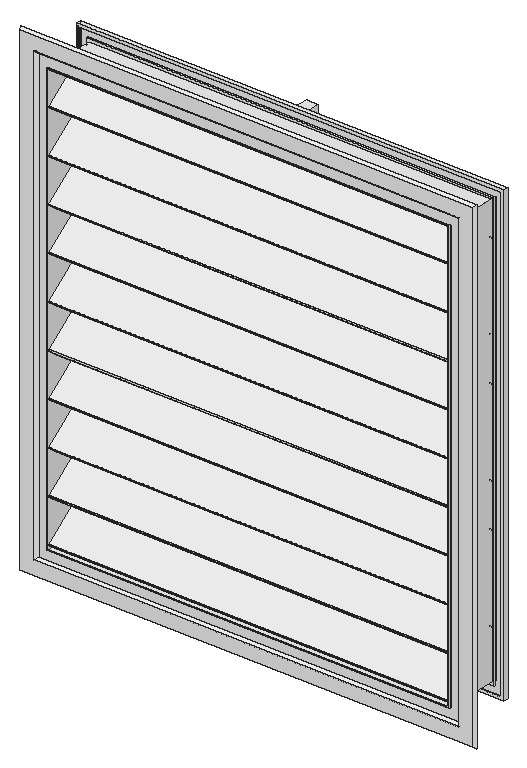
Revit family
Parameters (values of type "OHCL-F-124")
  URL = "http://www.productspec.net/products/18506/holyoake-industries-ltd/large-blade-outside-horizontal-louvers-ohl-124.aspx"
  Type Comments = "124mm Closable Horizontal Louvers in Flanged Surround"
  Technical Data = "http://www.collate.co.nz/nas/TechnicalFiles/2367/p18505/F3-F5%20OHCL102%20124.pdf"
  Ownership = "Holyoake Industries Limited"
  Overall Opening = Exact Neck Height - 47.00 mm  # 753.00 mm
  Overall Depth = 38.30 mm
  Nominal Width = 753.00 mm
  Nominal Height = 806.00 mm
  Model = "OHCL-F-124"
  Manufacturer = "Holyoake Industries Limited"
  Keynote = ""
  Gang Bar with Actuator Width (plus min. 300mm clearance) = 150.00 mm
  Flange Width = 25.40 mm
  Louver Depth = 106.35 mm
  Exact Overall Flange Height = Nominal Height + 44.80 mm  # 850.80 mm
  Exact Overall Flange Width = Nominal Width + 44.80 mm  # 797.80 mm
  Exact Neck Width = Nominal Width - 6.00 mm  # 747.00 mm
  Exact Neck Height = Nominal Height - 6.00 mm  # 800.00 mm
  Description = "Holyoake Outside Horizontal Louvre"
  Created By = "Productspec Limited"
  Frame & Blades = Aluminium
  Top Blade Height = Overall Opening - Blade Cut Setout  # 67.20 mm
  Connector Width = Exact Neck Width - 71.00 mm  # 676.00 mm
  Connector Height = Exact Neck Height - 71.00 mm  # 729.00 mm
  Blade Width = 97.10 mm
  Blade Pitch = 76.20 mm
  Blade Offset = (Louver Depth - Blade Width) / 2  # 4.625 mm
  Blade Length = Exact Neck Width - 47.00 mm  # 700.00 mm
  Blade Height = 89.80 mm
  Blade Cut Setout = Blade Count * Blade Pitch  # 685.80 mm
  Blade Count = Blade Array Count - 1  # 9
  Gang Bar Width (plus min. 300mm clearance) = 50.00 mm
  Blade Control = yes
  Blade Array Count = Overall Opening / Blade Pitch  # 9.8819
  Author = "Zinder Zhao"
  Assembly Code = ""
  Accessories = "Aluminium Bird mesh or insect mesh (fibreglass)"
Types (2, lengths in mm): name | Type Comments | Technical Data | Overall Opening | Nominal Width | Nominal Height | Model | Exact Overall Flange Height | Exact Overall Flange Width | Exact Neck Width | Exact Neck Height | Top Blade Height | Connector Width | Connector Height | Blade Length | Blade Cut Setout | Blade Count | Blade Control | Blade Array Count
  OHL-F-124 | "124mm Horizontal Curved Profile Louvers in Flanged Surround" | "http://www.collate.co.nz/nas/TechnicalFiles/2367/p18505/F1-F2%20OHL102%20124.pdf" | 813.00 | 741.00 | 866.00 | "OHL-F-124" | 910.80 | 785.80 | 735.00 | 860.00 | 51.00 | 664.00 | 789.00 | 688.00 | 762.00 | 10 | no | 10.6693
  OHCL-F-124 | "124mm Closable Horizontal Louvers in Flanged Surround" | "http://www.collate.co.nz/nas/TechnicalFiles/2367/p18505/F3-F5%20OHCL102%20124.pdf" | 753.00 | 753.00 | 806.00 | "OHCL-F-124" | 850.80 | 797.80 | 747.00 | 800.00 | 67.20 | 676.00 | 729.00 | 700.00 | 685.80 | 9 | yes | 9.8819
Reference planes
  plane 1 "Flange Origin": y = 0
  plane 2: z = 23.5
  plane 3 "Center (Left/Right)": x = -20.2
  plane 4 "Overall Opening": z = 776.5
  plane 5: y = 101.3
  plane 6: z = 99.7
  plane 7: x = -396.7
  plane 8: x = 353.3
  plane 9: x = -419.1
  plane 10: x = 356.3
  plane 11: x = -393.7
  plane 12: z = 825.4
  plane 13: z = 800
  plane 14: z = 803
  plane 15: z = 400
  plane 16: z = 113.3
  plane 17 "Cut Blade Setout": z = 709.3
  plane 18 "Center (Front/Back)": y = -5.05
  plane 19: x = 378.7
  plane 20: z = -25.4
  plane 21: z = 0
  plane 22 "Blade Offset": y = -0.425
  plane 23: y = 96.675
  plane 24: z = -3
  plane 25: z = 764.5
  plane 26: z = 35.5
  plane 27: x = -358.2
  plane 28: x = 317.8
  plane 29: x = -370.2
  plane 30: x = 329.8
  plane 31: y = 151.3
  plane 32: y = 251.3
Forms (mm)
  Sweep 1, solid, material "Aluminium" <- "Frame & Blades", detail levels fine
    path origin (0, 0, 0) x (1, 0, 0) y (0, 0, 1)
      loop
        line (329.8, 23.5) -> (329.8, 776.5) -> (-370.2, 776.5) -> (-370.2, 23.5) -> (329.8, 23.5)
    profile "Holyoake_OutsideLouvre_OHL-102_Flange_profile : OHL-102 Flange Profile" origin (329.8, 0, 400) x (-1, 0, 0) y (0, -1, 0)
      loop
        line (12, -101.3) -> (12, -99.9) -> (0, -99.9) -> (0, 1.9) -> (-1.4, 1.9) -> (-1.4, 0) -> (-17.713, 0) -> (-21.95, 5.05) -> (-45.984, 5.05) -> (-48.9, 0) -> (-45.984, 0) -> (-42.484, 3.5) -> (-24.566, 3.5) -> (-23.5, 2.23) -> (-23.5, -8.2) -> (-18.8, -8.2) -> (-18.8, -6.9) -> (-21.95, -6.9) -> (-21.95, -1.3) -> (-2.95, -1.3) -> (-2.95, -6.9) -> (-6.1, -6.9) -> (-6.1, -8.2) -> (-1.4, -8.2) -> (-1.4, -91.2) -> (-6.1, -91.2) -> (-6.1, -92.5) -> (-2.95, -92.5) -> (-2.95, -98.1) -> (-21.95, -98.1) -> (-21.95, -92.5) -> (-18.8, -92.5) -> (-18.8, -91.2) -> (-23.5, -91.2) -> (-23.5, -99.4) -> (-1.4, -99.4) -> (-1.4, -101.3) -> (12, -101.3)
  Extrusion 2, solid, material "Aluminium" <- "Frame & Blades", detail levels coarse+medium
    sketch origin (0, 0, 0) x (1, 0, 0) y (0, 1, 0)
      loop
        line (-393.7, 101.3) -> (-393.7, -5.05) -> (353.3, -5.05) -> (353.3, 101.3) -> (-393.7, 101.3)
    from 0 to 800
Dimensions and locks
  "Overall Opening": plane 4 "Overall Opening" to plane 2
  equal spacing: group 1, group 2, group 3, group 4, group 5, group 6, group 7, group 8, group 9  (x3)
  "Blade Pitch": plane 6 to plane 2
  "Blade Cut Setout": plane 17 "Cut Blade Setout" to plane 2
  "Louver Depth": plane 5 to plane 18 "Center (Front/Back)"
  "Blade Offset": plane 22 "Blade Offset" to plane 18 "Center (Front/Back)"
  "Blade Width": plane 23 to plane 22 "Blade Offset"
  equal spacing: plane 11, plane 3 "Center (Left/Right)", plane 8
  "Exact Neck Width": plane 11 to plane 8
  "Nominal Width": plane 7 to plane 10
  "Exact Overall Flange Width": plane 9 to plane 19
  locked: plane 7 to plane 11 at 3
  equal spacing: plane 13, plane 15, plane 21
  locked: plane 14 to plane 13 at 3
  "Connector Height": plane 26 to plane 25
  "Connector Width": plane 27 to plane 28
  "Blade Length": plane 29 to plane 30
  locked: plane 29 to plane 27 at 12
  plane 11 to plane 29 = 23.50 mm
  plane 4 "Overall Opening" to plane 25 = 12.00 mm
  "Flange Width": plane 9 to plane 11
  "Gang Bar Width (plus min. 300mm clearance)": plane 5 to plane 31
  "Gang Bar with Actuator Width (plus min. 300mm clearance)": plane 5 to plane 32
  equal spacing: plane 13, plane 15, level
  "Exact Neck Height": plane 13 to level
  "Nominal Height": plane 14 to plane 24
  "Exact Overall Flange Height": plane 12 to plane 20
  locked: plane 13 to plane 4 "Overall Opening" at 23.5
  "Flange Width": plane 12 to plane 13
  "Blade Height": plane 16 to plane 2
  aligned and locked: plane 4 "Overall Opening" to Sweep 1 sketch curve
  aligned and locked: Sweep 1 sketch curve to plane 2
  aligned and locked: Sweep 1 to plane 4 "Overall Opening"
  aligned and locked: Sweep 1 to plane 18 "Center (Front/Back)"  (x2)
  aligned and locked: plane 22 "Blade Offset" to nested 3  (x2)
  aligned and locked: plane 2 to Sweep 1
  aligned and locked: Sweep 1 to plane 1 "Flange Origin"
  aligned and locked: Sweep 1 to plane 2
  aligned and locked: plane 28 to Sweep 1
  aligned and locked: Sweep 1 to plane 27
  aligned and locked: nested 1 to plane 2
  aligned and locked: nested 2 to plane 6  (x2)
  aligned and locked: nested 1 to plane 22 "Blade Offset"
  aligned and locked: plane 23 to nested 1
  aligned and locked: plane 23 to nested 2
  aligned and locked: plane 23 to nested 4
  aligned and locked: plane 23 to nested 5
  aligned and locked: nested 2 to plane 22 "Blade Offset"
  aligned and locked: nested 4 to plane 22 "Blade Offset"
  aligned and locked: nested 5 to plane 22 "Blade Offset"
  aligned and locked: nested 3 to plane 17 "Cut Blade Setout"
  aligned and locked: plane 29 to nested 1
  aligned and locked: plane 30 to nested 1
  aligned and locked: nested 3 to plane 29  (x2)
  aligned and locked: nested 3 to plane 30  (x2)
  aligned and locked: plane 31 to nested 8
  aligned and locked: plane 3 "Center (Left/Right)" to nested 8
  aligned and locked: plane 11 to Extrusion 2 sketch curve
  aligned and locked: Extrusion 2 sketch curve to plane 5
  aligned and locked: plane 18 "Center (Front/Back)" to Extrusion 2 sketch curve
  aligned and locked: Extrusion 2 sketch curve to plane 8
  aligned and locked: Extrusion 2 to plane 21
  aligned and locked: plane 13 to Extrusion 2
Automatic sketch dimensions
  plane 27 to Sweep 1 sketch curve = 12.00 mm
  Sweep 1 sketch curve to plane 28 = 12.00 mm
Nested families
  nested 1: "Holyoake_OutsideLouvre_OHL-124_Blade" at (-20.2, -0.425, 23.5), type "OHL-124 Blade"
  nested 2: "Holyoake_OutsideLouvre_OHL-124_Blade" at (-20.2, -0.425, 99.7), type "OHL-124 Blade"
  nested 3: "Holyoake_OutsideLouvre_OHL-124_BladeCutted" at (-20.2, -0.425, 709.3), type "OHL-124 Blade Cutted"
  nested 4: "Holyoake_OutsideLouvre_OHL-124_Blade" at (-20.2, -0.425, 175.9), type "OHL-124 Blade"
  nested 5: "Holyoake_OutsideLouvre_OHL-124_Blade" at (-20.2, -0.425, 252.1), type "OHL-124 Blade"
  nested 6: "Holyoake_OutsideLouvre_OHL-124_Blade" at (-20.2, -0.425, 328.3), type "OHL-124 Blade"
  nested 7: "Holyoake_OutsideLouvre_OHL-124_Blade" at (-20.2, -0.425, 404.5), type "OHL-124 Blade"
  nested 8: "Holyoake_OutsideLouvre_OHCL_BladeControl" at (-40.2, 126.3, 23.5), visible <- "Blade Control", type "OHCL Blade Control"
  nested 9: "Holyoake_OutsideLouvre_OHL-124_Blade" at (-20.2, -0.425, 480.7), type "OHL-124 Blade"
  nested 10: "Holyoake_OutsideLouvre_OHL-124_Blade" at (-20.2, -0.425, 556.9), type "OHL-124 Blade"
  nested 11: "Holyoake_OutsideLouvre_OHL-124_Blade" at (-20.2, -0.425, 633.1), type "OHL-124 Blade"
Connectors
  hvac at (-20.2, 101.3, 400), driven by "Connector Height", driven by "Connector Width"
    settings: on Sweep 1, index 1
Definition of nested family "Holyoake_OutsideLouvre_OHL-124_Blade"
  Parameters (values of type "OHL-124 Blade")
    Width = 97.10 mm
    URL = "http://www.productspec.net/products/18506/holyoake-industries-ltd/large-blade-outside-horizontal-louvers-ohl-124.aspx"
    Type Comments = "Outside Louvre Blade"
    Ownership = "Holyoake Industries Ltd"
    Model = "OHL-124"
    Manufacturer = "Holyoake Industries Ltd"
    Length = 700.00 mm
    Height = 89.80 mm
    Created By = "Productspec Ltd"
    Blade = Aluminium
    Author = "Zinder Zhao"
    Assembly Code = ""
  Reference planes
    plane 1 "Center (Front/Back)": y = 0
    plane 2: z = 0
    plane 3 "Center (Left/Right)": x = 0
    plane 4: x = -350
    plane 5: x = 350
    plane 6: y = 97.1
    plane 7: z = 89.8
  Forms (mm)
    Sweep 1, solid, material "Aluminium" <- "Blade", detail levels fine
      path origin (0, 0, 0) x (1, 0, 0) y (0, 1, 0)
        loop
          line (-350, 0) -> (350, 0)
      profile "Holyoake_OutsideLouvre_OHL-124_Blade_profile : OHL-124 Blade Profile" origin (0, 0, 0) x (0, 1, 0) y (0, 0, 1)
        loop
          line (8.511, 0) -> (11.135, 0) -> (1.343, 7.533) -> (97.1, 80.796) -> (97.1, 82.744) -> (87.928, 89.8) -> (85.304, 89.8) -> (95.725, 81.783) -> (0, 8.52) -> (0, 6.547) -> (8.511, 0)
  Dimensions and locks
    "Height": plane 7 to plane 2
    "Width": plane 6 to plane 1 "Center (Front/Back)"
    equal spacing: plane 4, plane 3 "Center (Left/Right)", plane 5
    "Length": plane 4 to plane 5
    aligned and locked: plane 1 "Center (Front/Back)" to Sweep 1 sketch curve
  Automatic sketch dimensions
    Sweep 1 sketch curve to plane 4 = 0.00 mm
    Sweep 1 sketch curve to plane 5 = 0.00 mm
Definition of nested family "Holyoake_OutsideLouvre_OHL-124_BladeCutted"
  Parameters (values of type "OHL-124 Blade Cutted")
    Width = 97.10 mm
    URL = "http://www.productspec.net/products/18506/holyoake-industries-ltd/large-blade-outside-horizontal-louvers-ohl-124.aspx"
    Type Comments = "Outside Louvre Blade Cutted"
    Ownership = "Holyoake Industries Ltd"
    Model = "OHL-124"
    Manufacturer = "Holyoake Industries Ltd"
    Length = 700.00 mm
    Height = 89.80 mm
    Created By = "Productspec Ltd"
    Blade Cut Setout = 67.20 mm
    Blade = Aluminium
    Author = "Zinder Zhao"
    Assembly Code = ""
  Reference planes
    plane 1 "Center (Front/Back)": y = 0
    plane 2: z = 0
    plane 3 "Center (Left/Right)": x = 0
    plane 4 "Left": x = -350
    plane 5 "Right": x = 350
    plane 6: y = 97.1
    plane 7: z = 89.8
    plane 8: z = 67.2
  Forms (mm)
    Sweep 1, solid, material "Aluminium" <- "Blade", detail levels fine
      path origin (0, 0, 0) x (1, 0, 0) y (0, 1, 0)
        loop
          line (-350, 0) -> (350, 0)
      profile "Holyoake_OutsideLouvre_OHL-124_Blade_profile : OHL-124 Blade Profile" origin (0, 0, 0) x (0, 1, 0) y (0, 0, 1)
        loop
          line (8.511, 0) -> (11.135, 0) -> (1.343, 7.533) -> (97.1, 80.796) -> (97.1, 82.744) -> (87.928, 89.8) -> (85.304, 89.8) -> (95.725, 81.783) -> (0, 8.52) -> (0, 6.547) -> (8.511, 0)
    Extrusion 2, void
      sketch origin (-350, 0, 0) x (0, 1, 0) y (0, 0, 1)
        loop
          line (97.1, 67.2) -> (97.1, 126.485) -> (0, 126.485) -> (0, 67.2) -> (97.1, 67.2)
      from 0 to 700
  Cuts and joins
    Extrusion 2 cuts Sweep 1
  Dimensions and locks
    "Height": plane 7 to plane 2
    "Width": plane 6 to plane 1 "Center (Front/Back)"
    equal spacing: plane 4 "Left", plane 3 "Center (Left/Right)", plane 5 "Right"
    "Length": plane 4 "Left" to plane 5 "Right"
    "Blade Cut Setout": plane 8 to plane 2
    aligned and locked: plane 1 "Center (Front/Back)" to Sweep 1 sketch curve
    aligned and locked: plane 6 to Extrusion 2 sketch curve
    aligned and locked: Extrusion 2 sketch curve to plane 1 "Center (Front/Back)"
    aligned and locked: cut or joined group of Sweep 1, Extrusion 2 to plane 8
    aligned and locked: plane 4 "Left" to cut or joined group of Sweep 1, Extrusion 2
    aligned and locked: plane 5 "Right" to cut or joined group of Sweep 1, Extrusion 2
    aligned and locked: plane 5 "Right" to Extrusion 2
    aligned and locked: Extrusion 2 to plane 4 "Left"
  Automatic sketch dimensions
    Sweep 1 sketch curve to plane 4 "Left" = 0.00 mm
    Sweep 1 sketch curve to plane 5 "Right" = 0.00 mm
    Extrusion 2 sketch curve to plane 7 = 22.60 mm
    plane 7 to Extrusion 2 sketch curve = 36.685 mm
Definition of nested family "Holyoake_OutsideLouvre_OHCL_BladeControl"
  Parameters (values of type "OHCL Blade Control")
    Width = 40.00 mm
    URL = "http://www.productspec.net/products/comp/2367/holyoake-industries-ltd-products.aspx"
    Type Comments = "Closable Louvre Blade Control"
    Ownership = "Holyoake Industries Ltd"
    Model = "OHCL - 124 & 102"
    Manufacturer = "Holyoake Industries Ltd"
    Length = 753.00 mm
    Created By = "Productspec Ltd"
    Bracket Width = 15.00 mm
    Bracket Pitch = 76.20 mm
    Bracket Offset = Bracket Pitch - Bracket Width  # 61.20 mm
    Bracket Number = Length / Bracket Pitch - 1  # 9
    Bracket = Aluminium
    Author = "Zinder Zhao"
    Assembly Code = ""
  Reference planes
    plane 1 "Center (Front/Back)": y = 0
    plane 2: z = 0
    plane 3 "Right": x = 40
    plane 4 "Centre": x = 20
    plane 5: y = 25
    plane 6: y = -35
    plane 7: z = 753
    plane 8: z = 61.2
    plane 9: z = 76.2
    plane 10: z = 137.4
    plane 11 "Left": x = 0
  Forms (mm)
    Extrusion 1, solid, material "Aluminium" <- "Bracket", detail levels medium+fine
      sketch origin (40, 0, 0) x (0, 1, 0) y (0, 0, 1)
        loop
          line (25, 753) -> (0, 753) -> (0, 0) -> (25, 0) -> (25, 753)
      from -40 to -20
    Extrusion 2, solid, material "Aluminium" <- "Bracket", detail levels fine
      sketch origin (20, -10, -18.8) x (0, 1, 0) y (0, 0, 1)
        loop
          line (26.487, 95) -> (-17.5, 95)
          arc (-17.5, 95) -> (-22.068, 93.365) -> (-25, 89.5) r 8.511
          line (-25, 89.5) -> (-25, 85.5)
          arc (-25, 85.5) -> (-22.068, 81.635) -> (-17.5, 80) r 8.511
          line (-17.5, 80) -> (26.487, 80)
          arc (26.487, 80) -> (33.987, 87.5) -> (26.487, 95) r 7.5
      from 0 to 20
    Extrusion 3, solid, material "Aluminium" <- "Bracket", detail levels fine
      sketch origin (20, -10, 57.4) x (0, 1, 0) y (0, 0, 1)
        loop
          line (26.487, 95) -> (-17.5, 95)
          arc (-17.5, 95) -> (-22.068, 93.365) -> (-25, 89.5) r 8.511
          line (-25, 89.5) -> (-25, 85.5)
          arc (-25, 85.5) -> (-22.068, 81.635) -> (-17.5, 80) r 8.511
          line (-17.5, 80) -> (26.487, 80)
          arc (26.487, 80) -> (33.987, 87.5) -> (26.487, 95) r 7.5
      from 0 to 20
    Extrusion 4, solid, material "Aluminium" <- "Bracket", detail levels fine
      sketch origin (20, -10, 133.6) x (0, 1, 0) y (0, 0, 1)
        loop
          line (26.487, 95) -> (-17.5, 95)
          arc (-17.5, 95) -> (-22.068, 93.365) -> (-25, 89.5) r 8.511
          line (-25, 89.5) -> (-25, 85.5)
          arc (-25, 85.5) -> (-22.068, 81.635) -> (-17.5, 80) r 8.511
          line (-17.5, 80) -> (26.487, 80)
          arc (26.487, 80) -> (33.987, 87.5) -> (26.487, 95) r 7.5
      from 0 to 20
    Extrusion 5, solid, material "Aluminium" <- "Bracket", detail levels fine
      sketch origin (20, -10, 209.8) x (0, 1, 0) y (0, 0, 1)
        loop
          line (26.487, 95) -> (-17.5, 95)
          arc (-17.5, 95) -> (-22.068, 93.365) -> (-25, 89.5) r 8.511
          line (-25, 89.5) -> (-25, 85.5)
          arc (-25, 85.5) -> (-22.068, 81.635) -> (-17.5, 80) r 8.511
          line (-17.5, 80) -> (26.487, 80)
          arc (26.487, 80) -> (33.987, 87.5) -> (26.487, 95) r 7.5
      from 0 to 20
    Extrusion 6, solid, material "Aluminium" <- "Bracket", detail levels fine
      sketch origin (20, -10, 286) x (0, 1, 0) y (0, 0, 1)
        loop
          line (26.487, 95) -> (-17.5, 95)
          arc (-17.5, 95) -> (-22.068, 93.365) -> (-25, 89.5) r 8.511
          line (-25, 89.5) -> (-25, 85.5)
          arc (-25, 85.5) -> (-22.068, 81.635) -> (-17.5, 80) r 8.511
          line (-17.5, 80) -> (26.487, 80)
          arc (26.487, 80) -> (33.987, 87.5) -> (26.487, 95) r 7.5
      from 0 to 20
    Extrusion 7, solid, material "Aluminium" <- "Bracket", detail levels fine
      sketch origin (20, -10, 362.2) x (0, 1, 0) y (0, 0, 1)
        loop
          line (26.487, 95) -> (-17.5, 95)
          arc (-17.5, 95) -> (-22.068, 93.365) -> (-25, 89.5) r 8.511
          line (-25, 89.5) -> (-25, 85.5)
          arc (-25, 85.5) -> (-22.068, 81.635) -> (-17.5, 80) r 8.511
          line (-17.5, 80) -> (26.487, 80)
          arc (26.487, 80) -> (33.987, 87.5) -> (26.487, 95) r 7.5
      from 0 to 20
    Extrusion 8, solid, material "Aluminium" <- "Bracket", detail levels fine
      sketch origin (20, -10, 438.4) x (0, 1, 0) y (0, 0, 1)
        loop
          line (26.487, 95) -> (-17.5, 95)
          arc (-17.5, 95) -> (-22.068, 93.365) -> (-25, 89.5) r 8.511
          line (-25, 89.5) -> (-25, 85.5)
          arc (-25, 85.5) -> (-22.068, 81.635) -> (-17.5, 80) r 8.511
          line (-17.5, 80) -> (26.487, 80)
          arc (26.487, 80) -> (33.987, 87.5) -> (26.487, 95) r 7.5
      from 0 to 20
    Extrusion 9, solid, material "Aluminium" <- "Bracket", detail levels fine
      sketch origin (20, -10, 514.6) x (0, 1, 0) y (0, 0, 1)
        loop
          line (26.487, 95) -> (-17.5, 95)
          arc (-17.5, 95) -> (-22.068, 93.365) -> (-25, 89.5) r 8.511
          line (-25, 89.5) -> (-25, 85.5)
          arc (-25, 85.5) -> (-22.068, 81.635) -> (-17.5, 80) r 8.511
          line (-17.5, 80) -> (26.487, 80)
          arc (26.487, 80) -> (33.987, 87.5) -> (26.487, 95) r 7.5
      from 0 to 20
    Extrusion 10, solid, material "Aluminium" <- "Bracket", detail levels fine
      sketch origin (20, -10, 590.8) x (0, 1, 0) y (0, 0, 1)
        loop
          line (26.487, 95) -> (-17.5, 95)
          arc (-17.5, 95) -> (-22.068, 93.365) -> (-25, 89.5) r 8.511
          line (-25, 89.5) -> (-25, 85.5)
          arc (-25, 85.5) -> (-22.068, 81.635) -> (-17.5, 80) r 8.511
          line (-17.5, 80) -> (26.487, 80)
          arc (26.487, 80) -> (33.987, 87.5) -> (26.487, 95) r 7.5
      from 0 to 20
  Dimensions and locks
    equal spacing: group 1, group 2, group 3, group 4, group 5, group 6, group 7, group 8, group 9  (x3)
    "Bracket Offset": plane 8 to plane 2
    "Bracket Width": plane 9 to plane 8
    "Bracket Pitch": plane 10 to plane 8
    "Length": plane 7 to plane 2
    plane 6 to plane 1 "Center (Front/Back)" = 35.00 mm
    aligned and locked: level to plane 2
    aligned and locked: Extrusion 1 sketch curve to plane 5
    aligned and locked: plane 7 to Extrusion 1 sketch curve
    aligned and locked: level to Extrusion 1 sketch curve
    aligned and locked: plane 1 "Center (Front/Back)" to Extrusion 1 sketch curve
    aligned and locked: Extrusion 2 to plane 4 "Centre"
    aligned and locked: plane 3 "Right" to Extrusion 2
    aligned and locked: Extrusion 1 to plane 5  (x2)
    aligned and locked: plane 1 "Center (Front/Back)" to Extrusion 1  (x2)
    aligned and locked: plane 6 to Extrusion 2
    aligned and locked: Extrusion 2 to plane 3 "Right"
    aligned and locked: plane 4 "Centre" to Extrusion 2
    aligned and locked: Extrusion 2 to plane 8
    aligned and locked: plane 9 to Extrusion 2
    aligned and locked: Extrusion 3 to plane 10
    aligned and locked: plane 6 to Extrusion 3
    aligned and locked: plane 6 to Extrusion 4
    aligned and locked: plane 7 to Extrusion 1
    aligned and locked: Extrusion 1 to plane 2
    aligned and locked: plane 4 "Centre" to Extrusion 1
  Automatic sketch dimensions
    Extrusion 6 sketch curve to Extrusion 6 sketch curve = 7.50 mm  (x3)
    Extrusion 6 sketch curve to Extrusion 6 sketch curve = 0.466 mm
    Extrusion 6 sketch curve to Extrusion 6 sketch curve = 0.00 mm
    Extrusion 6 sketch curve to Extrusion 6 sketch curve = 43.521 mm
    Extrusion 6 sketch curve to Extrusion 6 sketch curve = 5.50 mm
    Extrusion 6 sketch curve to Extrusion 6 sketch curve = 1.997 mm
    Extrusion 2 sketch curve to Extrusion 2 sketch curve = 7.50 mm  (x3)
    Extrusion 2 sketch curve to Extrusion 2 sketch curve = 0.466 mm
    Extrusion 2 sketch curve to Extrusion 2 sketch curve = 0.00 mm
    Extrusion 2 sketch curve to Extrusion 2 sketch curve = 43.521 mm
    Extrusion 2 sketch curve to Extrusion 2 sketch curve = 5.50 mm
    Extrusion 2 sketch curve to Extrusion 2 sketch curve = 1.997 mm
    Extrusion 3 sketch curve to Extrusion 3 sketch curve = 7.50 mm  (x3)
    Extrusion 3 sketch curve to Extrusion 3 sketch curve = 0.466 mm
    Extrusion 3 sketch curve to Extrusion 3 sketch curve = 0.00 mm
    Extrusion 3 sketch curve to Extrusion 3 sketch curve = 43.521 mm
    Extrusion 3 sketch curve to Extrusion 3 sketch curve = 5.50 mm
    Extrusion 3 sketch curve to Extrusion 3 sketch curve = 1.997 mm
    Extrusion 4 sketch curve to Extrusion 4 sketch curve = 7.50 mm  (x3)
    Extrusion 4 sketch curve to Extrusion 4 sketch curve = 0.466 mm
    Extrusion 4 sketch curve to Extrusion 4 sketch curve = 0.00 mm
    Extrusion 4 sketch curve to Extrusion 4 sketch curve = 43.521 mm
    Extrusion 4 sketch curve to Extrusion 4 sketch curve = 5.50 mm
    Extrusion 4 sketch curve to Extrusion 4 sketch curve = 1.997 mm
    Extrusion 5 sketch curve to Extrusion 5 sketch curve = 7.50 mm  (x3)
    Extrusion 5 sketch curve to Extrusion 5 sketch curve = 0.466 mm
    Extrusion 5 sketch curve to Extrusion 5 sketch curve = 0.00 mm
    Extrusion 5 sketch curve to Extrusion 5 sketch curve = 43.521 mm
    Extrusion 5 sketch curve to Extrusion 5 sketch curve = 5.50 mm
    Extrusion 5 sketch curve to Extrusion 5 sketch curve = 1.997 mm
    Extrusion 7 sketch curve to Extrusion 7 sketch curve = 7.50 mm  (x3)
    Extrusion 7 sketch curve to Extrusion 7 sketch curve = 0.466 mm
    Extrusion 7 sketch curve to Extrusion 7 sketch curve = 0.00 mm
    Extrusion 7 sketch curve to Extrusion 7 sketch curve = 43.521 mm
    Extrusion 7 sketch curve to Extrusion 7 sketch curve = 5.50 mm
    Extrusion 7 sketch curve to Extrusion 7 sketch curve = 1.997 mm
    Extrusion 8 sketch curve to Extrusion 8 sketch curve = 7.50 mm  (x3)
    Extrusion 8 sketch curve to Extrusion 8 sketch curve = 0.466 mm
    Extrusion 8 sketch curve to Extrusion 8 sketch curve = 0.00 mm
    Extrusion 8 sketch curve to Extrusion 8 sketch curve = 43.521 mm
    Extrusion 8 sketch curve to Extrusion 8 sketch curve = 5.50 mm
    Extrusion 8 sketch curve to Extrusion 8 sketch curve = 1.997 mm
    Extrusion 9 sketch curve to Extrusion 9 sketch curve = 7.50 mm  (x3)
    Extrusion 9 sketch curve to Extrusion 9 sketch curve = 0.466 mm
    Extrusion 9 sketch curve to Extrusion 9 sketch curve = 0.00 mm
    Extrusion 9 sketch curve to Extrusion 9 sketch curve = 43.521 mm
    Extrusion 9 sketch curve to Extrusion 9 sketch curve = 5.50 mm
    Extrusion 9 sketch curve to Extrusion 9 sketch curve = 1.997 mm
    Extrusion 10 sketch curve to Extrusion 10 sketch curve = 7.50 mm  (x3)
    Extrusion 10 sketch curve to Extrusion 10 sketch curve = 0.466 mm
    Extrusion 10 sketch curve to Extrusion 10 sketch curve = 0.00 mm
    Extrusion 10 sketch curve to Extrusion 10 sketch curve = 43.521 mm
    Extrusion 10 sketch curve to Extrusion 10 sketch curve = 5.50 mm
    Extrusion 10 sketch curve to Extrusion 10 sketch curve = 1.997 mm
